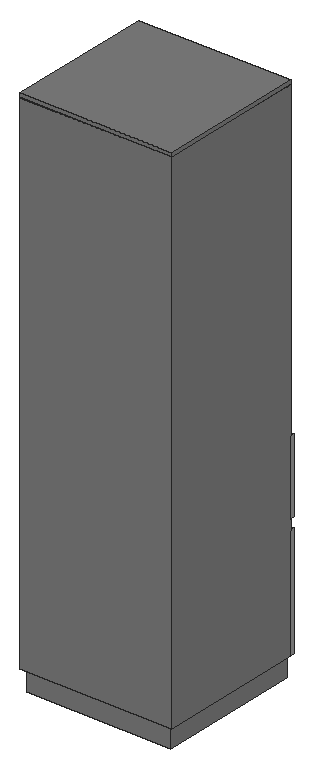
Revit family "AM0006781_Alacena Savona", category Plumbing Fixtures, host Wall, Revit 2019
Family settings
  Host = Wall
  Round Connector Dimension = Use Diameter
  Part Type = Normal
  OmniClass Number = 23.40.40.00
  OmniClass Title = Food Service Equipment and Furnishings
  Always vertical = Yes
  Cut with Voids When Loaded = No
  Shared = No
  Room Calculation Point = No
Parameters (values of type "Type 1")
  URL = "https://corona.co/productos/muebles-para-cocinas/alacena-savona/p/AM0006781"
  Resistencia a la humedad = "Hinchamiento < o =8%"  # constant formula
  Profundidad = 592 mm
  Peso Neto aproximado = "60,4 kg"  # constant formula
  Model = "AM0006781"  # constant formula
  Material 2 = Corona_Madera_Coñac
  Material 1 = Corona_Madera_Taupe
  Manufacturer = "Corona"  # constant formula
  Densidad = "15 mm 670 kg./m^3"  # constant formula
  Carga máxima = "65 kg"  # constant formula
  Ancho = 592 mm
  Alto = 2091 mm
Reference planes
  plane 1: y = 0
  plane 2 "Center (Left/Right)": x = 125
  plane 3 "Back": y = 75
  plane 4: z = 2091
  plane 5: x = -171
  plane 6: x = 421
  plane 7: y = 667
Forms (mm)
  Extrusion 1, solid, material "Corona_Madera_Taupe", detail levels medium+fine
    sketch origin (125, 75, 0) x (-1, 0, 0) y (0, -1, 0)
      loop
        line (-281, -15) -> (-281, -577) -> (281, -577) -> (281, -15) -> (-281, -15)
    from 0 to 80
  Extrusion 2, solid, material "Corona_Madera_Taupe", detail levels medium+fine
    sketch origin (125, 75, 0) x (-1, 0, 0) y (0, -1, 0)
      loop
        line (-296, 0) -> (-296, -577) -> (-281, -577) -> (-281, -15) -> (281, -15) -> (281, -577) -> (296, -577) -> (296, 0) -> (-296, 0)
    from 80 to 2075.5
  Extrusion 3, solid, material "Corona_Madera_Taupe", detail levels medium+fine
    sketch origin (125, 75, 0) x (-1, 0, 0) y (0, -1, 0)
      loop
        line (-281, -15) -> (-281, -577) -> (281, -577) -> (281, -15) -> (-281, -15)
    from 890.5 to 905.5
  Extrusion 4, solid, material "Corona_Madera_Taupe", detail levels medium+fine
    sketch origin (125, 75, 0) x (-1, 0, 0) y (0, -1, 0)
      loop
        line (-281, -15) -> (-281, -365) -> (281, -365) -> (281, -15) -> (-281, -15)
    from 1250 to 1265
  Extrusion 5, solid, material "Corona_Madera_Taupe", detail levels medium+fine
    sketch origin (125, 75, 0) x (-1, 0, 0) y (0, -1, 0)
      loop
        line (-281, -15) -> (-281, -577) -> (281, -577) -> (281, -15) -> (-281, -15)
    from 1493.5 to 1508.5
  Extrusion 6, solid, material "Corona_Madera_Taupe", detail levels medium+fine
    sketch origin (125, 75, 0) x (-1, 0, 0) y (0, -1, 0)
      loop
        line (-296, 0) -> (-296, -577) -> (296, -577) -> (296, 0) -> (-296, 0)
    from 2076 to 2091
  Extrusion 7, solid, material "Corona_Madera_Taupe", detail levels medium+fine
    sketch origin (125, 75, 0) x (-1, 0, 0) y (0, -1, 0)
      loop
        line (-281, -562) -> (281, -562) -> (281, -547) -> (-281, -547) -> (-281, -562)
    from 800 to 890.5
  Extrusion 8, solid, material "Corona_Madera_Coñac", detail levels medium+fine
    sketch origin (125, 75, 0) x (-1, 0, 0) y (0, -1, 0)
      loop
        line (-296, -577) -> (-296, -592) -> (296, -592) -> (296, -577) -> (-296, -577)
    from 80 to 520
  Extrusion 9, solid, material "Corona_Madera_Coñac", detail levels medium+fine
    sketch origin (125, 75, 0) x (-1, 0, 0) y (0, -1, 0)
      loop
        line (-296, -577) -> (-296, -592) -> (296, -592) -> (296, -577) -> (-296, -577)
    from 560 to 850
  Extrusion 10, solid, material "Corona_Madera_Taupe", detail levels medium+fine
    sketch origin (125, 75, -310.5) x (-1, 0, 0) y (0, -1, 0)
      loop
        line (-281, -562) -> (281, -562) -> (281, -547) -> (-281, -547) -> (-281, -562)
    from 800 to 890.5
  Extrusion 11, solid, detail levels medium+fine
    sketch origin (125, 75, -280.5) x (-1, 0, 0) y (0, -1, 0)
      loop
        line (-281, -92) -> (-281, -577) -> (281, -577) -> (281, -92) -> (-281, -92)
    from 890.5 to 905.5
  Extrusion 12, solid, material "Caja", detail levels coarse
    sketch origin (0, 0, 0) x (1, 0, 0) y (0, 1, 0)
      loop
        line (-171, 75) -> (421, 75) -> (421, 667) -> (-171, 667) -> (-171, 75)
    from 0 to 2091
Text (mm)
  text "Placement side" at (-1787.139, 592.35, 0), in view "Ref. Level"
  text "Placement side" at (0, 1827.695, 2917.686), in view "Left"
  text "Placement side" at (0, 562.268, 3853.606), in view "Right"
Dimensions and locks
  locked: plane 3 "Back" to host wall at 0
  "Alto": level to plane 4
  "Ancho": plane 5 to plane 6
  "Profundidad": plane 3 "Back" to plane 7
  aligned and locked: host wall to plane 1
Automatic sketch dimensions
  plane 2 "Center (Left/Right)" to Extrusion 1 sketch curve = 281 mm
  Extrusion 1 sketch curve to plane 2 "Center (Left/Right)" = 281 mm
  host wall to Extrusion 1 sketch curve = 577 mm
  host wall to Extrusion 1 sketch curve = 15 mm
  Extrusion 2 sketch curve to host wall = 0 mm
  plane 2 "Center (Left/Right)" to Extrusion 2 sketch curve = 296 mm
  Extrusion 2 sketch curve to Extrusion 2 sketch curve = 15 mm  (x2)
  host wall to Extrusion 2 sketch curve = 15 mm
  Extrusion 2 sketch curve to plane 2 "Center (Left/Right)" = 281 mm
  Extrusion 2 sketch curve to Extrusion 2 sketch curve = 562 mm  (x2)
  plane 2 "Center (Left/Right)" to Extrusion 3 sketch curve = 281 mm
  Extrusion 3 sketch curve to plane 2 "Center (Left/Right)" = 281 mm
  host wall to Extrusion 3 sketch curve = 577 mm
  host wall to Extrusion 3 sketch curve = 15 mm
  plane 2 "Center (Left/Right)" to Extrusion 4 sketch curve = 281 mm
  Extrusion 4 sketch curve to plane 2 "Center (Left/Right)" = 281 mm
  host wall to Extrusion 4 sketch curve = 365 mm
  host wall to Extrusion 4 sketch curve = 15 mm
  plane 2 "Center (Left/Right)" to Extrusion 5 sketch curve = 281 mm
  Extrusion 5 sketch curve to plane 2 "Center (Left/Right)" = 281 mm
  host wall to Extrusion 5 sketch curve = 577 mm
  host wall to Extrusion 5 sketch curve = 15 mm
  Extrusion 6 sketch curve to host wall = 0 mm
  plane 2 "Center (Left/Right)" to Extrusion 6 sketch curve = 296 mm
  Extrusion 6 sketch curve to plane 2 "Center (Left/Right)" = 296 mm
  host wall to Extrusion 6 sketch curve = 577 mm
  plane 2 "Center (Left/Right)" to Extrusion 7 sketch curve = 281 mm
  Extrusion 7 sketch curve to plane 2 "Center (Left/Right)" = 281 mm
  host wall to Extrusion 7 sketch curve = 562 mm
  Extrusion 7 sketch curve to Extrusion 7 sketch curve = 15 mm
  plane 2 "Center (Left/Right)" to Extrusion 8 sketch curve = 296 mm
  Extrusion 8 sketch curve to plane 2 "Center (Left/Right)" = 296 mm
  host wall to Extrusion 8 sketch curve = 592 mm
  Extrusion 8 sketch curve to Extrusion 8 sketch curve = 15 mm
  plane 2 "Center (Left/Right)" to Extrusion 9 sketch curve = 296 mm
  Extrusion 9 sketch curve to plane 2 "Center (Left/Right)" = 296 mm
  host wall to Extrusion 9 sketch curve = 592 mm
  Extrusion 9 sketch curve to Extrusion 9 sketch curve = 15 mm
  plane 2 "Center (Left/Right)" to Extrusion 10 sketch curve = 281 mm
  Extrusion 10 sketch curve to plane 2 "Center (Left/Right)" = 281 mm
  host wall to Extrusion 10 sketch curve = 562 mm
  Extrusion 10 sketch curve to Extrusion 10 sketch curve = 15 mm
  plane 2 "Center (Left/Right)" to Extrusion 11 sketch curve = 281 mm
  Extrusion 11 sketch curve to plane 2 "Center (Left/Right)" = 281 mm
  host wall to Extrusion 11 sketch curve = 577 mm
  host wall to Extrusion 11 sketch curve = 92 mm
  Extrusion 12 sketch curve to plane 5 = 0 mm
  plane 6 to Extrusion 12 sketch curve = 0 mm
  Extrusion 12 sketch curve to host wall = 0 mm
  plane 7 to Extrusion 12 sketch curve = 0 mm
Nested families
  nested 1: "Family2" at (-171, 75, 0), type "Family2", detail levels coarse
  nested 2: "Family3" at (-171, 75, 0) x (1, 0, 0) z (0, -1, 0), type "Family3", detail levels coarse
  nested 3: "Family5" at (125, 75, 0) x (0, 1, 0) z (1, 0, 0), type "Family5", detail levels coarse
Definition of nested family "Family2"
  Reference planes
    plane 1 "Center (Front/Back)": y = 0
    plane 2: z = 0
    plane 3 "Center (Left/Right)": x = 0
  Lines and regions (mm)
    detail lines, in view "Ref. Level"
      curve 1: line (0, 0, 0) -> (592, 0, 0)
      curve 2: line (592, 0, 0) -> (592, 592, 0)
      curve 3: line (592, 592, 0) -> (0, 592, 0)
      curve 4: line (0, 592, 0) -> (0, 0, 0)
      curve 5: line (592, 577, 0) -> (0, 577, 0)
Definition of nested family "Family3"
  Reference planes
    plane 1 "Center (Front/Back)": y = 0
    plane 2: z = 0
    plane 3 "Center (Left/Right)": x = 0
  Nested families
    nested 1: "Family2" at (0, 0, 0), type "Family2", in view "Ref. Level"
  Definition of nested family "Family2"
    Reference planes
      plane 1 "Center (Front/Back)": y = 0
      plane 2: z = 0
      plane 3 "Center (Left/Right)": x = 0
    Lines and regions (mm)
      detail lines, in view "Ref. Level"
        curve 1: line (0, 80, 0) -> (592, 80, 0)
        curve 2: line (0, 0, 0) -> (0, 2091, 0)
        curve 3: line (0, 2091, 0) -> (592, 2091, 0)
        curve 4: line (592, 2091, 0) -> (592, 0, 0)
        curve 5: line (577, 1493, 0) -> (577, 904, 0)
        curve 6: line (0, 520, 0) -> (592, 520, 0)
        curve 7: line (0, 560, 0) -> (592, 560, 0)
        curve 8: line (0, 1493, 0) -> (592, 1493, 0)
        curve 9: line (15, 1264, 0) -> (577, 1264, 0)
        curve 10: line (15, 1249, 0) -> (577, 1249, 0)
        curve 11: line (15, 904, 0) -> (577, 904, 0)
        curve 12: line (15, 520, 0) -> (15, 560, 0)
        curve 13: line (15, 848, 0) -> (15, 889, 0)
        curve 14: line (577, 560, 0) -> (577, 520, 0)
        curve 15: line (15, 889, 0) -> (577, 889, 0)
        curve 16: line (15, 904, 0) -> (15, 1493, 0)
        curve 17: line (577, 889, 0) -> (577, 848, 0)
        curve 18: line (0, 848, 0) -> (592, 848, 0)
        curve 19: line (0, 0, 0) -> (592, 0, 0)
Definition of nested family "Family5"
  Reference planes
    plane 1 "Center (Front/Back)": y = 0
    plane 2: z = 0
    plane 3 "Center (Left/Right)": x = 0
  Lines and regions (mm)
    detail lines, in view "Ref. Level"
      curve 1: line (0, 2091, 0) -> (592, 2091, 0)
      curve 2: line (0, 0, 0) -> (0, 2091, 0)
      curve 3: line (577, 0, 0) -> (0, 0, 0)
      curve 4: line (577, 848, 0) -> (592, 848, 0)
      curve 5: line (577, 560, 0) -> (577, 848, 0)
      curve 6: line (592, 560, 0) -> (577, 560, 0)
      curve 7: line (592, 848, 0) -> (592, 560, 0)
      curve 8: line (577, 520, 0) -> (592, 520, 0)
      curve 9: line (577, 80, 0) -> (577, 520, 0)
      curve 10: line (592, 80, 0) -> (577, 80, 0)
      curve 11: line (592, 520, 0) -> (592, 80, 0)
      curve 12: line (577, 1493, 0) -> (592, 1493, 0)
      curve 13: line (577, 2091, 0) -> (577, 1493, 0)
      curve 14: line (592, 2091, 0) -> (577, 2091, 0)
      curve 15: line (592, 1493, 0) -> (592, 2091, 0)
      curve 16: line (577, 2091, 0) -> (577, 0, 0)
